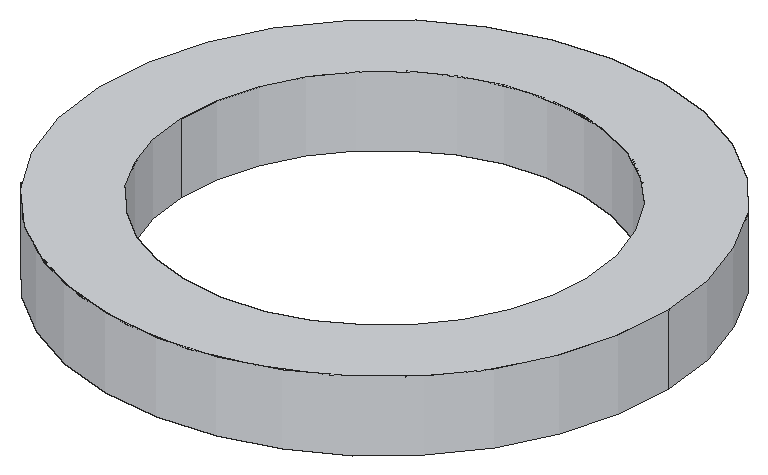
Revit family "LR1", category Generic Models, Revit 2017
Family settings
  Can host rebar = No
  Round Connector Dimension = Use Diameter
  Part Type = Normal
  Work Plane-Based = Yes
  Always vertical = No
  Cut with Voids When Loaded = No
  Shared = No
  Room Calculation Point = No
Parameters (values of type "NBS Standard Parameters")
  Weight = "0.0074Kg"
  WarrantyStartDate [instance] = "1900-12-31T23:59:59"
  WarrantyGuarantorParts = "n/a"
  WarrantyGuarantorLabor = "n/a"
  WarrantyDurationUnit = "1 year"
  WarrantyDurationParts = "n/a"
  WarrantyDurationLabor = "n/a"
  WarrantyDescription = "n/a"
  Version = "1"
  Uniclass2 = "Pr_65_70_11_20"
  TagNumber [instance] = "n/a"
  SustainabilityPerformance = "n/a"
  Size = "20mm"
  Shape = "Circular"
  SerialNumber [instance] = "n/a"
  Revision = "n/a"
  ReplacementCost = "n/a"
  ProductInformation = "www.metpro.co.uk/pdf/lr1.pdf"
  NominalWidth = 27.8 mm
  NominalLength = 27.8 mm
  NominalHeight = 3.5 mm
  Name = ""
  NBSTypeID = ""
  NBSReference = "90-55-10/460"
  NBSOfficeMasterTag = ""
  NBSNote = ""
  NBSDescription = "Conduit Fittings"
  NBSCertification = ""
  ModelReference = "LR1"
  ModelNumber = "n/a"
  Material = "Steel"
  ManufacturerURL = "www.metpro.co.uk"
  ManufacturerName = "Metpro Ltd"
  Keynote = "Compliant to LU Standard 1-085"
  InstallationDate [instance] = "1900-12-31T23:59:59"
  IfcExportType = ""
  IfcExportAs = ""
  Grade = "n/a"
  Finish = "BZP"
  Features = "n/a"
  ExpectedLife = "n/a"
  DurationUnit = "year"
  Description = "LR1 20mm Milled Edge Lockring"
  Default Elevation = 1219.2 mm
  Constituents = "n/a"
  Color = "n/a"
  CodePerformance = "n/a"
  Category = "n/a"
  BarCode [instance] = "n/a"
  BIMObjectName = "Metpro_Metprolibrary_Conduitfittings_Metalcomponents_Steelaccessories"
  Author = "Metpro Ltd"
  AssetType = ""
  AssetIdentifier [instance] = "n/a"
  AccessibilityPerformance = "n/a"
Reference planes
  plane 1 "Center (Front/Back)": y = 0
  plane 2: z = 0
  plane 3 "Center (Left/Right)": x = 0
Forms (mm)
  Extrusion 1, solid
    sketch origin (0, 0, 0) x (1, 0, 0) y (0, 1, 0)
      loop
        circle (0, 0) r 14
      loop
        circle (0, 0) r 10
    from 0 to 3.5
Dimensions and locks
  aligned and locked: level to plane 2
